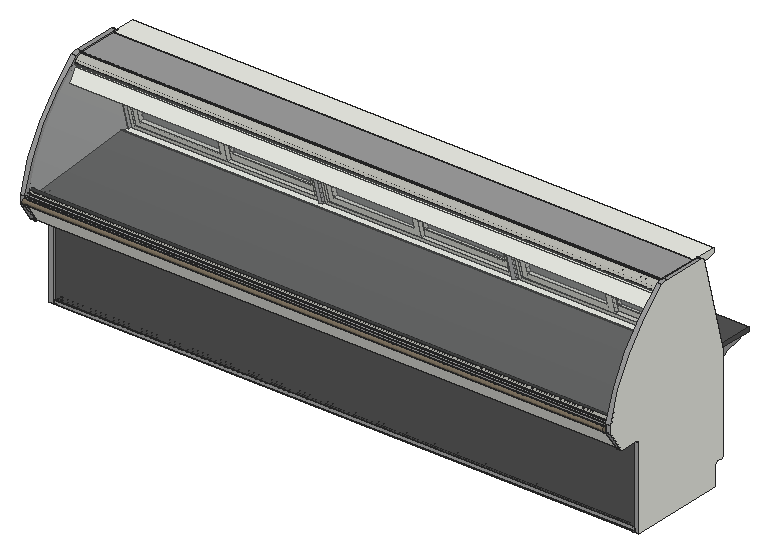
Revit family "CR1-FN_2014", category Specialty Equipment, Revit 2014 (continued)
Automatic sketch dimensions
  Extrusion 11 sketch curve to Extrusion 11 sketch curve = 0.19172"
  Extrusion 11 sketch curve to Extrusion 11 sketch curve = 0.01611"
  Extrusion 11 sketch curve to plane 10 = 0.63376"
  Extrusion 11 sketch curve to Extrusion 11 sketch curve = 0.03436"
  Extrusion 12 sketch curve to Extrusion 12 sketch curve = 0"  (x4)
  plane 4 "Front" to Extrusion 12 sketch curve = 3.86266"
  Extrusion 12 sketch curve to Extrusion 12 sketch curve = 0.01762"  (x2)
  Extrusion 12 sketch curve to Extrusion 12 sketch curve = 0.00881"
  Extrusion 12 sketch curve to Extrusion 12 sketch curve = 0.00993"
  Extrusion 12 sketch curve to plane 9 = 2.64563"
  Extrusion 12 sketch curve to Extrusion 12 sketch curve = 0.01986"
  Extrusion 12 sketch curve to Extrusion 12 sketch curve = 0.32399"
  Extrusion 12 sketch curve to plane 9 = 2.89281"
  Extrusion 12 sketch curve to Extrusion 12 sketch curve = 0.09889"
  Extrusion 12 sketch curve to Extrusion 12 sketch curve = 0.02885"
  Extrusion 12 sketch curve to Extrusion 12 sketch curve = 0.00804"
  Extrusion 12 sketch curve to Extrusion 12 sketch curve = 0.01418"
  Extrusion 12 sketch curve to plane 9 = 0.42573"
  plane 1 "Back" to Extrusion 12 sketch curve = 4.65057"
  Extrusion 12 sketch curve to plane 9 = 0.46057"
  Extrusion 12 sketch curve to Extrusion 12 sketch curve = 0.00331"
  Extrusion 12 sketch curve to Extrusion 12 sketch curve = 0.00283"
  Extrusion 12 sketch curve to plane 9 = 0.48039"
  Extrusion 12 sketch curve to Extrusion 12 sketch curve = 0.02827"
  Extrusion 12 sketch curve to plane 9 = 0.46866"
  Extrusion 12 sketch curve to plane 9 = 0.69391"
  Extrusion 12 sketch curve to Extrusion 12 sketch curve = 0.07593"
  Extrusion 12 sketch curve to Extrusion 12 sketch curve = 0.00669"
  Extrusion 12 sketch curve to Extrusion 12 sketch curve = 0.03024"
  Extrusion 12 sketch curve to Extrusion 12 sketch curve = 0.0309"
  Extrusion 12 sketch curve to Extrusion 12 sketch curve = 0.02262"
  Extrusion 13 sketch curve to level = 0"
  plane 4 "Front" to Extrusion 13 sketch curve = 0.81814"
  Extrusion 13 sketch curve to Extrusion 13 sketch curve = 0.04483"
  Extrusion 13 sketch curve to Extrusion 13 sketch curve = 1/4"
  plane 4 "Front" to Extrusion 13 sketch curve = 4.15323"
  Extrusion 13 sketch curve to Extrusion 13 sketch curve = 0.41034"
  Extrusion 13 sketch curve to Extrusion 13 sketch curve = 4.46333"
  Extrusion 13 sketch curve to Extrusion 13 sketch curve = 0.7"  (x2)
  plane 10 to Extrusion 13 sketch curve = 0.20496"
  plane 1 "Back" to Extrusion 13 sketch curve = 16.68943"
  plane 1 "Back" to Extrusion 13 sketch curve = 6.22235"
  Extrusion 13 sketch curve to plane 10 = 0.3165"
  Extrusion 13 sketch curve to Extrusion 13 sketch curve = 0.67685"
  plane 1 "Back" to Extrusion 13 sketch curve = 1 127/128"
  plane 1 "Back" to Extrusion 13 sketch curve = 0.30473"  (x2)
  Extrusion 13 sketch curve to plane 1 "Back" = 0.37212"
  Extrusion 13 sketch curve to Extrusion 13 sketch curve = 0.02315"
  Extrusion 13 sketch curve to plane 1 "Back" = 9.18765"
  level to Extrusion 13 sketch curve = 4.74571"
  Extrusion 13 sketch curve to Extrusion 13 sketch curve = 10.28196"
  Extrusion 13 sketch curve to plane 9 = 9.87914"
  Extrusion 13 sketch curve to Extrusion 13 sketch curve = 0.21431"
  Extrusion 13 sketch curve to plane 9 = 4.23888"
  Extrusion 13 sketch curve to Extrusion 13 sketch curve = 1.94355"
  Extrusion 13 sketch curve to plane 9 = 0.67874"
  Extrusion 13 sketch curve to plane 10 = 3.9551"
  Extrusion 14 sketch curve to level = 0"
  plane 4 "Front" to Extrusion 14 sketch curve = 0.81814"
  Extrusion 14 sketch curve to Extrusion 14 sketch curve = 0.04483"
  Extrusion 14 sketch curve to Extrusion 14 sketch curve = 0.20517"
  plane 4 "Front" to Extrusion 14 sketch curve = 4.15323"
  Extrusion 14 sketch curve to Extrusion 14 sketch curve = 0.41034"
  Extrusion 14 sketch curve to Extrusion 14 sketch curve = 4.46333"
  Extrusion 14 sketch curve to Extrusion 14 sketch curve = 0.7"  (x2)
  plane 10 to Extrusion 14 sketch curve = 0.20496"
  plane 1 "Back" to Extrusion 14 sketch curve = 16.68943"
  plane 1 "Back" to Extrusion 14 sketch curve = 6.22235"
  Extrusion 14 sketch curve to plane 10 = 0.3165"
  Extrusion 14 sketch curve to Extrusion 14 sketch curve = 0.67685"
  plane 1 "Back" to Extrusion 14 sketch curve = 1 127/128"
  plane 1 "Back" to Extrusion 14 sketch curve = 0.30473"  (x2)
  Extrusion 14 sketch curve to plane 1 "Back" = 0.37212"
  Extrusion 14 sketch curve to Extrusion 14 sketch curve = 0.02315"
  Extrusion 14 sketch curve to plane 1 "Back" = 9.18765"
  Extrusion 14 sketch curve to plane 10 = 3.9551"
  Extrusion 14 sketch curve to plane 9 = 0.5002"
  Extrusion 14 sketch curve to plane 9 = 2.15249"
  Extrusion 14 sketch curve to Extrusion 14 sketch curve = 1.94355"
  Extrusion 14 sketch curve to Extrusion 14 sketch curve = 4.5831"
  Extrusion 14 sketch curve to Extrusion 14 sketch curve = 0.28569"
  Extrusion 14 sketch curve to Extrusion 14 sketch curve = 12.89359"
  level to Extrusion 14 sketch curve = 6.14571"
  Extrusion 15 sketch curve to plane 10 = 0.017"  (x2)
  plane 1 "Back" to Extrusion 15 sketch curve = 17.01748"
  Extrusion 15 sketch curve to Extrusion 15 sketch curve = 0.093"
  plane 1 "Back" to Extrusion 15 sketch curve = 7.20848"
  Extrusion 15 sketch curve to Extrusion 15 sketch curve = 0.33174"
  Extrusion 16 sketch curve to Extrusion 16 sketch curve = 2.74488"
  Extrusion 17 sketch curve to Extrusion 17 sketch curve = 2.74488"
  Extrusion 18 sketch curve to Extrusion 18 sketch curve = 2.74488"
  Extrusion 19 sketch curve to Extrusion 19 sketch curve = 2.74488"
  Extrusion 19 sketch curve to Extrusion 19 sketch curve = 2.78752"
  Extrusion 19 sketch curve to Extrusion 19 sketch curve = 2.74469"
  Extrusion 19 sketch curve to Extrusion 19 sketch curve = 20.64718"
  Extrusion 18 sketch curve to Extrusion 18 sketch curve = 2.78752"
  Extrusion 18 sketch curve to Extrusion 18 sketch curve = 2.74469"
  Extrusion 18 sketch curve to Extrusion 18 sketch curve = 20.64718"
  Extrusion 17 sketch curve to Extrusion 17 sketch curve = 2.78752"
  Extrusion 17 sketch curve to Extrusion 17 sketch curve = 2.74469"
  Extrusion 17 sketch curve to Extrusion 17 sketch curve = 20.64718"
  Extrusion 16 sketch curve to Extrusion 16 sketch curve = 2.78752"
  Extrusion 16 sketch curve to Extrusion 16 sketch curve = 2.74469"
  Extrusion 16 sketch curve to Extrusion 16 sketch curve = 20.64718"
  Extrusion 24 sketch curve to Extrusion 24 sketch curve = 2.74488"
  Extrusion 24 sketch curve to Extrusion 24 sketch curve = 2.78752"
  Extrusion 24 sketch curve to Extrusion 24 sketch curve = 2.74469"
  Extrusion 24 sketch curve to Extrusion 24 sketch curve = 20.64718"
  Extrusion 25 sketch curve to Extrusion 25 sketch curve = 2.74488"
  Extrusion 25 sketch curve to Extrusion 25 sketch curve = 2.78752"
  Extrusion 25 sketch curve to Extrusion 25 sketch curve = 2.74469"
  Extrusion 25 sketch curve to Extrusion 25 sketch curve = 20.64718"
  Extrusion 26 sketch curve to Extrusion 26 sketch curve = 2.74488"
  Extrusion 26 sketch curve to Extrusion 26 sketch curve = 2.78752"
  Extrusion 26 sketch curve to Extrusion 26 sketch curve = 2.74469"
  Extrusion 26 sketch curve to Extrusion 26 sketch curve = 20.64718"
  Extrusion 30 sketch curve to Extrusion 30 sketch curve = 2.74488"
  Extrusion 30 sketch curve to Extrusion 30 sketch curve = 2.78752"
  Extrusion 30 sketch curve to Extrusion 30 sketch curve = 2.74469"
  Extrusion 30 sketch curve to Extrusion 30 sketch curve = 20.64718"
  Extrusion 31 sketch curve to Extrusion 31 sketch curve = 2.74488"
  Extrusion 31 sketch curve to Extrusion 31 sketch curve = 2.78752"
  Extrusion 31 sketch curve to Extrusion 31 sketch curve = 2.74469"
  Extrusion 31 sketch curve to Extrusion 31 sketch curve = 20.64718"
  Extrusion 32 sketch curve to Extrusion 32 sketch curve = 2.74488"
  Extrusion 32 sketch curve to Extrusion 32 sketch curve = 2.78752"
  Extrusion 32 sketch curve to Extrusion 32 sketch curve = 2.74469"
  Extrusion 32 sketch curve to Extrusion 32 sketch curve = 20.64718"
  Extrusion 36 sketch curve to Extrusion 36 sketch curve = 2.74488"
  Extrusion 36 sketch curve to Extrusion 36 sketch curve = 2.78752"
  Extrusion 36 sketch curve to Extrusion 36 sketch curve = 2.74469"
  Extrusion 36 sketch curve to Extrusion 36 sketch curve = 20.64718"
  Extrusion 37 sketch curve to Extrusion 37 sketch curve = 2.74488"
  Extrusion 37 sketch curve to Extrusion 37 sketch curve = 2.78752"
  Extrusion 37 sketch curve to Extrusion 37 sketch curve = 2.74469"
  Extrusion 37 sketch curve to Extrusion 37 sketch curve = 20.64718"
  Extrusion 40 sketch curve to Extrusion 40 sketch curve = 2.74488"
  Extrusion 40 sketch curve to Extrusion 40 sketch curve = 2.78752"
  Extrusion 40 sketch curve to Extrusion 40 sketch curve = 2.74469"
  Extrusion 40 sketch curve to Extrusion 40 sketch curve = 20.64718"
  Extrusion 41 sketch curve to Extrusion 41 sketch curve = 2.74488"
  Extrusion 41 sketch curve to Extrusion 41 sketch curve = 2.78752"
  Extrusion 41 sketch curve to Extrusion 41 sketch curve = 2.74469"
  Extrusion 41 sketch curve to Extrusion 41 sketch curve = 20.64718"
  Extrusion 44 sketch curve to Extrusion 44 sketch curve = 2.74488"
  Extrusion 44 sketch curve to Extrusion 44 sketch curve = 2.78752"
  Extrusion 44 sketch curve to Extrusion 44 sketch curve = 2.74469"
  Extrusion 44 sketch curve to Extrusion 44 sketch curve = 20.64718"
  Extrusion 45 sketch curve to Extrusion 45 sketch curve = 2.74488"
  Extrusion 45 sketch curve to Extrusion 45 sketch curve = 2.78752"
  Extrusion 45 sketch curve to Extrusion 45 sketch curve = 2.74469"
  Extrusion 45 sketch curve to Extrusion 45 sketch curve = 20.64718"
  Extrusion 1 sketch curve to Extrusion 1 sketch curve = 0"
  Extrusion 2 sketch curve to Extrusion 2 sketch curve = 0"
  Extrusion 3 sketch curve to Extrusion 3 sketch curve = 0"  (x3)
Nested families (in)
  nested 1: "Floor Support - Three Holes" at (-75.30699, -13.45706, 0.816), type "Floor Support - Three Holes"
    with Length 22 1/4"
  nested 2: "Floor Support - Three Holes" at (64.69301, -13.45706, 0.816), type "Floor Support - Three Holes"
    with Length 22 1/4"
  nested 3: "Service Doors - 105deg - 48" at (-77.30699, -25.04319, 4.28953), visible <- "12 Case", type "Service Doors - 105deg - 48"
  nested 4: "Shelf - Service Door" at (-77.30699, -0.27239, 30), type "Shelf - Service Door"
  nested 5: "Service Doors - 105deg - 48" at (-29.30699, -25.04319, 4.28953), visible <- "12 Case", type "Service Doors - 105deg - 48"
  nested 6: "Service Doors - 105deg - 48" at (18.69301, -25.04319, 4.28953), visible <- "12 Case", type "Service Doors - 105deg - 48"
  nested 7: "Service Doors - 105deg - 48" at (-77.30699, -25.04319, 4.28953), visible <- "12 Case", type "Service Doors - 105deg - 48", not visible
  nested 8: "Service Doors - 105deg - 48" at (-29.30699, -25.04319, 4.28953), visible <- "12 Case", type "Service Doors - 105deg - 48", not visible
  nested 9: "Service Doors - 105deg - 48" at (18.69301, -25.04319, 4.28953), visible <- "12 Case", type "Service Doors - 105deg - 48", not visible
  nested 10: "Service Doors - 105deg - 48" at (-77.30699, -25.04319, 4.28953), visible <- "4 Case", type "Service Doors - 105deg - 48"
  nested 11: "Service Doors - 105deg - 48" at (-77.30699, -25.04319, 4.28953), visible <- "4 Case", type "Service Doors - 105deg - 48", not visible
  nested 12: "Service Doors - 105deg - 48" at (-77.30699, -25.04319, 4.28953), visible <- "8 Case", type "Service Doors - 105deg - 48"
  nested 13: "Service Doors - 105deg - 48" at (-29.30699, -25.04319, 4.28953), visible <- "8 Case", type "Service Doors - 105deg - 48"
  nested 14: "Service Doors - 105deg - 48" at (-77.30699, -25.04319, 4.28953), visible <- "8 Case", type "Service Doors - 105deg - 48", not visible
  nested 15: "Service Doors - 105deg - 48" at (-29.30699, -25.04319, 4.28953), visible <- "8 Case", type "Service Doors - 105deg - 48", not visible
  nested 16: "Service Doors - 105deg - 60" at (-77.30699, -25.04319, 4.28953), visible <- "5 Case", type "Service Doors - 105deg - 60"
  nested 17: "Service Doors - 105deg - 60" at (-77.30699, -25.04319, 4.28953), visible <- "5 Case", type "Service Doors - 105deg - 60", not visible
  nested 18: "Service Doors - 105deg - 60" at (-77.30699, -25.04319, 4.28953), visible <- "10 Case", type "Service Doors - 105deg - 60"
  nested 19: "Service Doors - 105deg - 60" at (-17.30699, -25.04319, 4.28953), visible <- "10 Case", type "Service Doors - 105deg - 60"
  nested 20: "Service Doors - 105deg - 60" at (-77.30699, -25.04319, 4.28953), visible <- "10 Case", type "Service Doors - 105deg - 60", not visible
  nested 21: "Service Doors - 105deg - 60" at (-17.30699, -25.04319, 4.28953), visible <- "10 Case", type "Service Doors - 105deg - 60", not visible
  nested 22: "Service Doors - 105deg - 72" at (-77.30699, -25.04319, 4.28953), visible <- "6 Case", type "Service Doors - 105deg - 72"
  nested 23: "Service Doors - 105deg - 72" at (-77.30699, -25.04319, 4.28953), visible <- "6 Case", type "Service Doors - 105deg - 72", not visible
  nested 24: "Light" at (-5.30699, 1.00463, -5.29778), type "Light"
    with Length 144"
  nested 25: "Light" at (-5.30699, -10.13008, -2.98067), type "Light"
    with Length 144"
  nested 26: "Floor Support - Three Holes" at (-28.64032, -13.45706, 0.816), type "Floor Support - Three Holes"
    with Length 22 1/4"
  nested 27: "Floor Support - Three Holes" at (18.02635, -13.45706, 0.816), type "Floor Support - Three Holes"
    with Length 22 1/4"
Connectors (in)
  piping at (64.38051, -22.375, 0), diameter 0.625, driven by "Refrig. Suction", driven by "Refrigeration Lines Suction"
    settings: on Extrusion 1, index 9, connector inside diameter 7/8", connector length 0", flow factor 0, pipe flow 0 GPM, pressure drop 0.00 psi, fitting loss kfactor 0, connector angle 0.00°, fixture units 0, engagement length 0", angle of deflection 0.00°, flow configuration 0, flow direction 2, fitting loss method 0, system type 22, joint type 0, gender type 0, connector reference index -1, connector utility 0, adjustable connector no, is connector primary yes, connector description "Suction"
  piping at (64.88051, -22.375, 0), diameter 0.375, driven by "Refrig. Liquid", driven by "Refrigeration Lines Liquid"
    settings: on Extrusion 2, index 10, connector inside diameter 3/8", connector length 0", flow factor 0, pipe flow 0 GPM, pressure drop 0.00 psi, fitting loss kfactor 0, connector angle 0.00°, fixture units 0, engagement length 0", angle of deflection 0.00°, flow configuration 0, flow direction 1, fitting loss method 0, system type 22, joint type 0, gender type 0, connector reference index -1, connector utility 0, adjustable connector no, is connector primary no, connector description "Liquid"
  piping at (0.69301, -17, 0), diameter 1.5, driven by "Waste Drain"
    settings: on Extrusion 3, index 11, connector inside diameter 1 1/4", connector length 0", flow factor 0, pipe flow 0 GPM, pressure drop 0.00 psi, fitting loss kfactor 0, connector angle 0.00°, fixture units 0, engagement length 0", angle of deflection 0.00°, flow configuration 0, flow direction 0, fitting loss method 0, system type 16, joint type 0, gender type 0, connector reference index -1, connector utility 0, adjustable connector no, is connector primary no, connector description ""
Definition of nested family "Floor Support - Three Holes"
  Parameters (values of type "Floor Support - Three Holes")
    Width = 4"
    Material = none
    Length = 22 3/8"
    Height = 5 3/4"
  Reference planes (in)
    plane 1 "Center (Front/Back)": y = 0
    plane 2: z = 0
    plane 3 "Center (Left/Right)": x = 0
    plane 4: x = 2
    plane 5: x = -2
    plane 6: y = 11.1875
    plane 7: y = -11.1875
    plane 8: z = 5.75
    plane 9: z = 2.875
    plane 10: y = -5.59375
    plane 11: y = 5.59375
  Forms (in)
    Extrusion 1, solid, material <- "Material"
      sketch origin (0, 0, 0) x (1, 0, 0) y (0, 1, 0)
        loop
          line (-2, 11.1875) -> (-2, -11.1875) -> (2, -11.1875) -> (2, 11.1875) -> (-2, 11.1875)
      from 0 to 5.75
    Extrusion 2, void
      sketch origin (-2, -11.1875, 0) x (0, -1, 0) y (0, 0, -1)
        loop
          arc (-3.71875, -2.875) -> (-4.26792, -1.54917) -> (-5.59375, -1) r 1.875
          arc (-5.59375, -1) -> (-6.91958, -1.54917) -> (-7.46875, -2.875) r 1.875
          arc (-7.46875, -2.875) -> (-6.91958, -4.20083) -> (-5.59375, -4.75) r 1.875
          arc (-5.59375, -4.75) -> (-4.26792, -4.20083) -> (-3.71875, -2.875) r 1.875
      from 0 to 4
    Extrusion 3, void
      sketch origin (-2, -11.1875, 0) x (0, -1, 0) y (0, 0, -1)
        loop
          arc (-9.3125, -2.875) -> (-9.86167, -1.54917) -> (-11.1875, -1) r 1.875
          arc (-11.1875, -1) -> (-12.51333, -1.54917) -> (-13.0625, -2.875) r 1.875
          arc (-13.0625, -2.875) -> (-12.51333, -4.20083) -> (-11.1875, -4.75) r 1.875
          arc (-11.1875, -4.75) -> (-9.86167, -4.20083) -> (-9.3125, -2.875) r 1.875
      from 0 to 4
    Extrusion 4, void
      sketch origin (-2, -11.1875, 0) x (0, -1, 0) y (0, 0, -1)
        loop
          arc (-14.90625, -2.875) -> (-15.45542, -1.54917) -> (-16.78125, -1) r 1.875
          arc (-16.78125, -1) -> (-18.10708, -1.54917) -> (-18.65625, -2.875) r 1.875
          arc (-18.65625, -2.875) -> (-18.10708, -4.20083) -> (-16.78125, -4.75) r 1.875
          arc (-16.78125, -4.75) -> (-15.45542, -4.20083) -> (-14.90625, -2.875) r 1.875
      from 0 to 4
  Cuts and joins
    Extrusion 2, Extrusion 3, Extrusion 4 cuts Extrusion 1
  Dimensions and locks (in)
    equal spacing: plane 5, plane 3 "Center (Left/Right)", plane 4
    "Width": plane 5 to plane 4
    equal spacing: plane 6, plane 1 "Center (Front/Back)", plane 7
    "Length": plane 6 to plane 7
    "Height": plane 8 to level
    equal spacing: plane 6, plane 11, plane 1 "Center (Front/Back)", plane 10, plane 7
    equal spacing: plane 8, plane 9, level
    aligned and locked: plane 2 to level
    aligned and locked: Extrusion 1 to plane 4
    aligned and locked: plane 5 to Extrusion 1
    aligned and locked: Extrusion 1 to plane 7
    aligned and locked: plane 6 to Extrusion 1
    aligned and locked: plane 8 to Extrusion 1
    aligned and locked: plane 9 to Extrusion 2 sketch curve  (x2)
    aligned and locked: plane 10 to Extrusion 2 sketch curve  (x2)
    aligned and locked: plane 11 to Extrusion 4 sketch curve  (x2)
    aligned and locked: plane 9 to Extrusion 4 sketch curve  (x2)
    aligned and locked: plane 1 "Center (Front/Back)" to Extrusion 3 sketch curve  (x2)
    aligned and locked: plane 9 to Extrusion 3 sketch curve  (x2)
    aligned and locked: Extrusion 1 to Extrusion 4
    aligned and locked: Extrusion 1 to Extrusion 3
    aligned and locked: Extrusion 1 to Extrusion 2
  Automatic sketch dimensions
    Extrusion 1 sketch curve to plane 5 = 0"
    Extrusion 1 sketch curve to plane 4 = 0"
    Extrusion 1 sketch curve to plane 7 = 0"
    Extrusion 1 sketch curve to plane 6 = 0"
    Extrusion 4 sketch curve to Extrusion 4 sketch curve = 1 7/8"
    Extrusion 3 sketch curve to Extrusion 3 sketch curve = 1 7/8"
    Extrusion 2 sketch curve to Extrusion 2 sketch curve = 1 7/8"
Definition of nested family "Service Doors - 105deg - 48"
  Parameters (values of type "Service Doors - 105deg - 48")
    Glazing = none
    Door Frame = none
  Reference planes (in)
    plane 1 "Center (Front/Back)": y = 25.29918
    plane 2: z = 0
    plane 3 "Center (Left/Right)": x = 0
  Forms (in)
    Sweep 1, solid, material <- "Door Frame"
      path in 3D
        loop
          line (48, 19.53256, 46.24921) -> (0, 19.53256, 46.24921) -> (0, 25.29918, 24.72713) -> (48, 25.29918, 24.72713) -> (48, 19.53256, 46.24921)
      profile origin (24, 19.53256, 46.24921) x (0, -0.999433, -0.03367) y (0, -0.03367, 0.999433)
        loop
          line (0.22758, -0.05283) -> (0, 0) -> (-0.33921, -1.46114) -> (1.8514, -1.9697) -> (2.08074, -0.98179) -> (0.13366, -0.52977) -> (0.22758, -0.05283)
    Extrusion 2, solid, material <- "Door Frame"
      sketch origin (1.5, 17.74853, 44.21829) x (0, 0.258811, -0.965928) y (0, 0.965928, 0.258811)
        loop
          line (0, 0.25) -> (19.28125, 0.25) -> (19.28125, 1.0625) -> (0, 1.0625) -> (0, 0.25)
      from 0 to 23
    Extrusion 3, solid, material <- "Door Frame"
      sketch origin (46.5, 22.73872, 25.59399) x (0, -0.258811, 0.965928) y (0, 0.965928, 0.258811)
        loop
          line (19.28125, 1.875) -> (0, 1.875) -> (0, 1.0625) -> (19.28125, 1.0625) -> (19.28125, 1.875)
      from 0 to 23
    Extrusion 4, void
      sketch origin (46.5, 18.18472, 49.83503) x (0, -0.258811, 0.965928) y (-1, 0, 0)
        loop
          line (-23.09373, 21.5) -> (-23.09373, 1.5) -> (-6.81248, 1.5) -> (-6.81248, 21.5) -> (-23.09373, 21.5)
      from 0 to 0.8125
    Extrusion 5, void
      sketch origin (1.5, 17.85693, 44.77966) x (0, -0.258811, 0.965928) y (1, 0, 0)
        loop
          line (-2.01418, 21.5) -> (-18.29543, 21.5) -> (-18.29543, 1.5) -> (-2.01418, 1.5) -> (-2.01418, 21.5)
      from 0 to 0.8125
    Extrusion 6, solid, material <- "Glazing"
      sketch origin (25, 24.54983, 26.07926) x (0, -0.258811, 0.965928) y (0, -0.965928, -0.258811)
        loop
          line (1.5, 0.1875) -> (19.28125, 0.1875) -> (19.28125, 0.625) -> (1.5, 0.625) -> (1.5, 0.1875)
      from 0 to 20
    Extrusion 7, solid, material <- "Glazing"
      sketch origin (23, 17.99001, 44.28299) x (0, 0.258811, -0.965928) y (0, -0.965928, -0.258811)
        loop
          line (1.5, -0.625) -> (19.28125, -0.625) -> (19.28125, -0.1875) -> (1.5, -0.1875) -> (1.5, -0.625)
      from 0 to 20
  Cuts and joins
    Extrusion 4 cuts Extrusion 3
    Extrusion 5 cuts Extrusion 2
  Lines and regions (in)
    sketch lines
      curve 1: line (48, 25.29918, 24.72713) -> (48, 19.53256, 46.24921)
      curve 2: line (0, 19.53256, 46.24921) -> (0, 25.29918, 24.72713)
      curve 3: line (48, 19.53256, 46.24921) -> (0, 19.53256, 46.24921)
      curve 4: line (48, 25.29918, 24.72713) -> (0, 25.29918, 24.72713)
    model lines
      curve 5: line (0, 25.29918, 24.72713) -> (0, 20.31708, 43.32124)
      curve 6: line (0, 25.29918, 24.72713) -> (0, 19.53256, 46.24921)
  Dimensions and locks (in)
    Extrusion 2 to Extrusion 3 = 45"
    plane 3 "Center (Left/Right)" to Sweep 1 = 48"
    Sweep 1 to Sweep 1 = 1 1/2"
    locked: cut or joined group of Extrusion 3, Extrusion 4 to Extrusion 4 sketch curve at 1.5
    locked: Extrusion 5 sketch curve to cut or joined group of Extrusion 2, Extrusion 5 at 1.5
    Sweep 1 to Sweep 1 = 22 9/32"
    locked: cut or joined group of Extrusion 2, Extrusion 5 to Extrusion 5 sketch curve at 1.5  (x2)
    locked: Sweep 1 to Extrusion 5 sketch curve at 1.5
    locked: Extrusion 4 sketch curve to Sweep 1 at 1.5  (x3)
    Sweep 1 to Sweep 1 = 45"
    aligned and locked: plane 2 to level
    aligned and locked: Extrusion 3 to Sweep 1  (x3)
    aligned and locked: Extrusion 2 to Sweep 1
    aligned and locked: Extrusion 6 to cut or joined group of Extrusion 3, Extrusion 4
    aligned and locked: cut or joined group of Extrusion 3, Extrusion 4 to Extrusion 6
    aligned and locked: cut or joined group of Extrusion 2, Extrusion 5 to Extrusion 7
    aligned and locked: plane 1 "Center (Front/Back)" to Sweep 1
    aligned and locked: Sweep 1 to Extrusion 2 sketch curve  (x2)
    aligned and locked: cut or joined group of Extrusion 2, Extrusion 5 to Extrusion 7 sketch curve
    aligned and locked: Extrusion 7 sketch curve to Sweep 1
    aligned and locked: Sweep 1 to Extrusion 3 sketch curve  (x2)
    aligned and locked: Extrusion 6 sketch curve to Sweep 1
    aligned and locked: Extrusion 6 sketch curve to cut or joined group of Extrusion 3, Extrusion 4
Definition of nested family "Shelf - Service Door"
  Parameters (values of type "Shelf - Service Door")
    Width = 144"
    Shelf = none
    Number of Bracket Supports = if(Width < 50", 2, if(Width < 100", 3, 4))  # 4
    Bracket = none
  Reference planes (in)
    plane 1 "Center (Front/Back)": y = 0
    plane 2: z = 0
    plane 3 "Center (Left/Right)": x = 0
  Forms (in)
    Extrusion 1, solid, material <- "Shelf"
      sketch origin (0, 0.5, -3.75) x (0, 1, 0) y (0, 0, 1)
        loop
          line (0, 3.75) -> (0, 2.75) -> (9.5, 2.75) -> (9.5, 3.75) -> (0, 3.75)
      from 0 to 144
  Dimensions and locks (in)
    "Width": plane 3 "Center (Left/Right)" to Extrusion 1
    equal spacing: group 1, group 3, group 4, group 2  (x2)
    equal spacing: group 2, group 4, group 3, group 1
    locked: plane 1 "Center (Front/Back)" to Extrusion 1 at 0.5
    aligned and locked: plane 2 to level
    aligned and locked: nested 1 to plane 3 "Center (Left/Right)"
    aligned and locked: nested 2 to Extrusion 1  (x2)
    aligned and locked: level to Extrusion 1
  Automatic sketch dimensions
    Extrusion 1 sketch curve to plane 1 "Center (Front/Back)" = 1/2"
    Extrusion 1 sketch curve to Extrusion 1 sketch curve = 9 1/2"
    Extrusion 1 sketch curve to level = 1"
    Extrusion 1 sketch curve to Extrusion 1 sketch curve = 1"
  Nested families (in)
    nested 1: "Shelf Braket" at (0.125, 0, -6.25), type "Shelf Braket"
    nested 2: "Shelf Braket" at (143.875, 0, -6.25), type "Shelf Braket"
    nested 3: "Shelf Braket" at (48.04167, 0, -6.25), type "Shelf Braket"
    nested 4: "Shelf Braket" at (95.95833, 0, -6.25), type "Shelf Braket"
  Definition of nested family "Shelf Braket"
    Parameters (values of type "Shelf Braket")
      Bracket = none
    Reference planes (in)
      plane 1 "Center (Front/Back)": y = 0
      plane 2: z = 0
      plane 3 "Center (Left/Right)": x = 0
    Forms (in)
      Extrusion 1, solid, material <- "Bracket"
        sketch origin (0, 0, 0) x (0, 1, 0) y (0, 0, 1)
          loop
            line (0, 0) -> (0.17778, 0)
            arc (0.17778, 0) -> (0.32473, 0.04775) -> (0.41555, 0.17275) r 0.25
            line (0.41555, 0.17275) -> (1.31784, 2.94972)
            arc (1.31784, 2.94972) -> (1.49947, 3.19972) -> (1.79337, 3.29521) r 0.5
            line (1.79337, 3.29521) -> (2.40794, 3.29521)
            arc (2.40794, 3.29521) -> (2.59929, 3.33327) -> (2.7615, 3.44165) r 0.5
            line (2.7615, 3.44165) -> (2.99039, 3.67054)
            arc (2.99039, 3.67054) -> (2.94458, 3.6834) -> (2.96531, 3.72623) r 0.03102
            line (2.96531, 3.72623) -> (7.12163, 4.76862)
            arc (7.12163, 4.76862) -> (7.39311, 4.94463) -> (7.49999, 5.25) r 0.5
            line (7.49999, 5.25) -> (0, 5.25) -> (0, 0)
        from -0.125 to 0.125
    Dimensions and locks (in)
      aligned and locked: plane 2 to level
Definition of nested family "Service Doors - 105deg - 60"
  Parameters (values of type "Service Doors - 105deg - 60")
    Glazing = none
    Door Frame = none
  Reference planes (in)
    plane 1 "Center (Front/Back)": y = 25.29918
    plane 2: z = 0
    plane 3 "Center (Left/Right)": x = 0
  Forms (in)
    Sweep 1, solid, material <- "Door Frame"
      path in 3D
        loop
          line (60, 19.53256, 46.24921) -> (0, 19.53256, 46.24921) -> (0, 25.29918, 24.72713) -> (60, 25.29918, 24.72713) -> (60, 19.53256, 46.24921)
      profile origin (30, 19.53256, 46.24921) x (0, -0.999433, -0.03367) y (0, -0.03367, 0.999433)
        loop
          line (0.22758, -0.05283) -> (0, 0) -> (-0.33921, -1.46114) -> (1.8514, -1.9697) -> (2.08074, -0.98179) -> (0.13366, -0.52977) -> (0.22758, -0.05283)
    Extrusion 2, solid, material <- "Door Frame"
      sketch origin (1.5, 17.74853, 44.21829) x (0, 0.258811, -0.965928) y (0, 0.965928, 0.258811)
        loop
          line (0, 0.25) -> (19.28125, 0.25) -> (19.28125, 1.0625) -> (0, 1.0625) -> (0, 0.25)
      from 0 to 29
    Extrusion 3, solid, material <- "Door Frame"
      sketch origin (58.5, 22.73872, 25.59399) x (0, -0.258811, 0.965928) y (0, 0.965928, 0.258811)
        loop
          line (19.28125, 1.875) -> (0, 1.875) -> (0, 1.0625) -> (19.28125, 1.0625) -> (19.28125, 1.875)
      from 0 to 29
    Extrusion 4, void
      sketch origin (58.5, 18.18472, 49.83503) x (0, -0.258811, 0.965928) y (-1, 0, 0)
        loop
          line (-23.09373, 27.5) -> (-23.09373, 1.5) -> (-6.81248, 1.5) -> (-6.81248, 27.5) -> (-23.09373, 27.5)
      from 0 to 0.8125
    Extrusion 5, void
      sketch origin (1.5, 17.85693, 44.77966) x (0, -0.258811, 0.965928) y (1, 0, 0)
        loop
          line (-2.01418, 27.5) -> (-18.29543, 27.5) -> (-18.29543, 1.5) -> (-2.01418, 1.5) -> (-2.01418, 27.5)
      from 0 to 0.8125
    Extrusion 6, solid, material <- "Glazing"
      sketch origin (31, 24.54983, 26.07926) x (0, -0.258811, 0.965928) y (0, -0.965928, -0.258811)
        loop
          line (1.5, 0.1875) -> (19.28125, 0.1875) -> (19.28125, 0.625) -> (1.5, 0.625) -> (1.5, 0.1875)
      from 0 to 26
    Extrusion 7, solid, material <- "Glazing"
      sketch origin (29, 17.99001, 44.28299) x (0, 0.258811, -0.965928) y (0, -0.965928, -0.258811)
        loop
          line (1.5, -0.625) -> (19.28125, -0.625) -> (19.28125, -0.1875) -> (1.5, -0.1875) -> (1.5, -0.625)
      from 0 to 26
  Cuts and joins
    Extrusion 4 cuts Extrusion 3
    Extrusion 5 cuts Extrusion 2
  Lines and regions (in)
    sketch lines
      curve 1: line (60, 25.29918, 24.72713) -> (60, 19.53256, 46.24921)
      curve 2: line (0, 19.53256, 46.24921) -> (0, 25.29918, 24.72713)
      curve 3: line (60, 19.53256, 46.24921) -> (0, 19.53256, 46.24921)
      curve 4: line (60, 25.29918, 24.72713) -> (0, 25.29918, 24.72713)
    model lines
      curve 5: line (0, 25.29918, 24.72713) -> (0, 20.31708, 43.32124)
      curve 6: line (0, 25.29918, 24.72713) -> (0, 19.53256, 46.24921)
  Dimensions and locks (in)
    Extrusion 2 to Extrusion 3 = 57"
    plane 3 "Center (Left/Right)" to Sweep 1 = 60"
    Sweep 1 to Sweep 1 = 1 1/2"
    locked: cut or joined group of Extrusion 3, Extrusion 4 to Extrusion 4 sketch curve at 1.5
    locked: Extrusion 5 sketch curve to cut or joined group of Extrusion 2, Extrusion 5 at 1.5
    Sweep 1 to Sweep 1 = 22 9/32"
    locked: cut or joined group of Extrusion 2, Extrusion 5 to Extrusion 5 sketch curve at 1.5  (x2)
    locked: Sweep 1 to Extrusion 5 sketch curve at 1.5
    locked: Extrusion 4 sketch curve to Sweep 1 at 1.5  (x3)
    Sweep 1 to Sweep 1 = 57"
    aligned and locked: plane 2 to level
    aligned and locked: Extrusion 3 to Sweep 1  (x3)
    aligned and locked: Extrusion 2 to Sweep 1
    aligned and locked: Extrusion 6 to cut or joined group of Extrusion 3, Extrusion 4
    aligned and locked: cut or joined group of Extrusion 3, Extrusion 4 to Extrusion 6
    aligned and locked: cut or joined group of Extrusion 2, Extrusion 5 to Extrusion 7
    aligned and locked: plane 1 "Center (Front/Back)" to Sweep 1
    aligned and locked: Sweep 1 to Extrusion 2 sketch curve  (x2)
    aligned and locked: cut or joined group of Extrusion 2, Extrusion 5 to Extrusion 7 sketch curve
    aligned and locked: Extrusion 7 sketch curve to Sweep 1
    aligned and locked: Sweep 1 to Extrusion 3 sketch curve  (x2)
    aligned and locked: Extrusion 6 sketch curve to Sweep 1
    aligned and locked: Extrusion 6 sketch curve to cut or joined group of Extrusion 3, Extrusion 4
Definition of nested family "Service Doors - 105deg - 72"
  Parameters (values of type "Service Doors - 105deg - 72")
    Glazing = none
    Door Frame = none
  Reference planes (in)
    plane 1 "Center (Front/Back)": y = 25.29918
    plane 2: z = 0
    plane 3 "Center (Left/Right)": x = 0
  Forms (in)
    Sweep 1, solid, material <- "Door Frame"
      path in 3D
        loop
          line (72, 19.53256, 46.24921) -> (0, 19.53256, 46.24921) -> (0, 25.29918, 24.72713) -> (72, 25.29918, 24.72713) -> (72, 19.53256, 46.24921)
      profile origin (36, 19.53256, 46.24921) x (0, -0.999433, -0.03367) y (0, -0.03367, 0.999433)
        loop
          line (0.22758, -0.05283) -> (0, 0) -> (-0.33921, -1.46114) -> (1.8514, -1.9697) -> (2.08074, -0.98179) -> (0.13366, -0.52977) -> (0.22758, -0.05283)
    Extrusion 2, solid, material <- "Door Frame"
      sketch origin (1.5, 17.74853, 44.21829) x (0, 0.258811, -0.965928) y (0, 0.965928, 0.258811)
        loop
          line (0, 0.25) -> (19.28125, 0.25) -> (19.28125, 1.0625) -> (0, 1.0625) -> (0, 0.25)
      from 0 to 35
    Extrusion 3, solid, material <- "Door Frame"
      sketch origin (70.5, 22.73872, 25.59399) x (0, -0.258811, 0.965928) y (0, 0.965928, 0.258811)
        loop
          line (19.28125, 1.875) -> (0, 1.875) -> (0, 1.0625) -> (19.28125, 1.0625) -> (19.28125, 1.875)
      from 0 to 35
    Extrusion 4, void
      sketch origin (70.5, 18.18472, 49.83503) x (0, -0.258811, 0.965928) y (-1, 0, 0)
        loop
          line (-23.09373, 33.5) -> (-23.09373, 1.5) -> (-6.81248, 1.5) -> (-6.81248, 33.5) -> (-23.09373, 33.5)
      from 0 to 0.8125
    Extrusion 5, void
      sketch origin (1.5, 17.85693, 44.77966) x (0, -0.258811, 0.965928) y (1, 0, 0)
        loop
          line (-2.01418, 33.5) -> (-18.29543, 33.5) -> (-18.29543, 1.5) -> (-2.01418, 1.5) -> (-2.01418, 33.5)
      from 0 to 0.8125
    Extrusion 6, solid, material <- "Glazing"
      sketch origin (37, 24.54983, 26.07926) x (0, -0.258811, 0.965928) y (0, -0.965928, -0.258811)
        loop
          line (1.5, 0.1875) -> (19.28125, 0.1875) -> (19.28125, 0.625) -> (1.5, 0.625) -> (1.5, 0.1875)
      from 0 to 32
    Extrusion 7, solid, material <- "Glazing"
      sketch origin (35, 17.99001, 44.28299) x (0, 0.258811, -0.965928) y (0, -0.965928, -0.258811)
        loop
          line (1.5, -0.625) -> (19.28125, -0.625) -> (19.28125, -0.1875) -> (1.5, -0.1875) -> (1.5, -0.625)
      from 0 to 32
  Cuts and joins
    Extrusion 4 cuts Extrusion 3
    Extrusion 5 cuts Extrusion 2
  Lines and regions (in)
    sketch lines
      curve 1: line (72, 25.29918, 24.72713) -> (72, 19.53256, 46.24921)
      curve 2: line (0, 19.53256, 46.24921) -> (0, 25.29918, 24.72713)
      curve 3: line (72, 19.53256, 46.24921) -> (0, 19.53256, 46.24921)
      curve 4: line (72, 25.29918, 24.72713) -> (0, 25.29918, 24.72713)
    model lines
      curve 5: line (0, 25.29918, 24.72713) -> (0, 20.31708, 43.32124)
      curve 6: line (0, 25.29918, 24.72713) -> (0, 19.53256, 46.24921)
  Dimensions and locks (in)
    Extrusion 2 to Extrusion 3 = 69"
    plane 3 "Center (Left/Right)" to Sweep 1 = 72"
    Sweep 1 to Sweep 1 = 1 1/2"
    locked: cut or joined group of Extrusion 3, Extrusion 4 to Extrusion 4 sketch curve at 1.5
    locked: Extrusion 5 sketch curve to cut or joined group of Extrusion 2, Extrusion 5 at 1.5
    Sweep 1 to Sweep 1 = 22 9/32"
    locked: cut or joined group of Extrusion 2, Extrusion 5 to Extrusion 5 sketch curve at 1.5  (x2)
    locked: Sweep 1 to Extrusion 5 sketch curve at 1.5
    locked: Extrusion 4 sketch curve to Sweep 1 at 1.5  (x3)
    aligned and locked: plane 2 to level
    aligned and locked: Extrusion 3 to Sweep 1  (x3)
    aligned and locked: Extrusion 2 to Sweep 1
    aligned and locked: Extrusion 6 to cut or joined group of Extrusion 3, Extrusion 4
    aligned and locked: cut or joined group of Extrusion 3, Extrusion 4 to Extrusion 6
    aligned and locked: cut or joined group of Extrusion 2, Extrusion 5 to Extrusion 7
    aligned and locked: plane 1 "Center (Front/Back)" to Sweep 1
    aligned and locked: Sweep 1 to Extrusion 2 sketch curve  (x2)
    aligned and locked: cut or joined group of Extrusion 2, Extrusion 5 to Extrusion 7 sketch curve
    aligned and locked: Extrusion 7 sketch curve to Sweep 1
    aligned and locked: Sweep 1 to Extrusion 3 sketch curve  (x2)
    aligned and locked: Extrusion 6 sketch curve to Sweep 1
    aligned and locked: Extrusion 6 sketch curve to cut or joined group of Extrusion 3, Extrusion 4
Definition of nested family "Light"
  Parameters (values of type "Light")
    Wattage = 16.1571 W
    built-in parameter 1150110 = 1 (stored number, unit not read)
    built-in parameter 1114217 = 1 (stored number, unit not read)
    built-in parameter 1150109 = 1 (stored number, unit not read)
    built-in parameter 1150134 = (empty or 0)
    built-in parameter 1150113 = 1 (stored number, unit not read)
    Lumens = 2400 lm
    built-in parameter 1150115 = 1 (stored number, unit not read)
    built-in parameter 1150105 = 763.94 (stored number, unit not read)
    Light Source Symbol Size = 24"
    built-in parameter 1150137 = (empty or 0)
    built-in parameter 1150139 = (empty or 0)
    Lense = none
    Length = 24"
    built-in parameter 1150112 = 1 (stored number, unit not read)
    built-in parameter 1150114 = 1 (stored number, unit not read)
    built-in parameter 1150132 = 2
    built-in parameter 1150102 = (empty or 0)
    built-in parameter 1150138 = (empty or 0)
    built-in parameter 1150107 = 6100 (stored number, unit not read)
    built-in parameter 1150106 = 7.6394 (stored number, unit not read)
    Emit from Line Length = Length  # 24"
    built-in parameter 1150104 = 13.8 (stored number, unit not read)
    Dimming Lamp Color Temperature Shift = (empty or 0)
    Color Filter = 16777215
    Casing = none
    built-in parameter 1114218 = 1 (stored number, unit not read)
    built-in parameter 1150133 = 10 (stored number, unit not read)
  Reference planes (in)
    plane 1 "Light Source Axis (F/B)": y = -8.60801
    plane 2: z = 0
    plane 3 "Light Source Axis (L/R)": x = 0
    plane 4 "Light Source Elevation": z = 52.5
    plane 5: z = 0
    plane 6 "Left": x = -12
    plane 7 "Right": x = 12
  Lines and regions (in)
    model lines
      curve 1: line (-12, -8.60801, 52.5) -> (12, -8.60801, 52.5)
  Dimensions and locks (in)
    equal spacing: plane 7 "Right", plane 3 "Light Source Axis (L/R)", plane 6 "Left"
    "Length": plane 7 "Right" to plane 6 "Left"
    aligned and locked: plane 3 "Light Source Axis (L/R)" to imposter light
    aligned and locked: plane 1 "Light Source Axis (F/B)" to imposter light
    aligned and locked: plane 4 "Light Source Elevation" to imposter light
    aligned and locked: level to plane 5
  Automatic sketch dimensions
    plane 1 "Light Source Axis (F/B)" to curve 1 = 0"
    curve 1 to plane 6 "Left" = 0"
    curve 1 to plane 7 "Right" = 0"
Types (6): name | Width | Number of Supports | 8 Case | 6 Case | 5 Case | 4 Case | 12 Case | 10 Case
  6'-0" Length | 72" | 3 | no | yes | no | no | no | no
  5'-0" Length | 60" | 3 | no | no | yes | no | no | no
  4'-0" Length | 48" | 2 | no | no | no | yes | no | no
  8'-0" Length | 96" | 3 | yes | no | no | no | no | no
  10'-0" Length | 120" | 4 | no | no | no | no | no | yes
  12'-0" Length | 144" | 4 | no | no | no | no | yes | no
